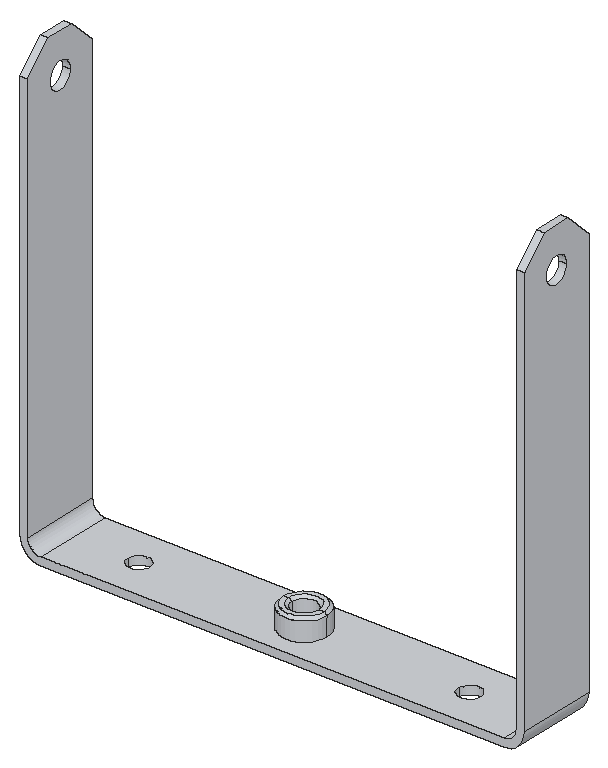
Revit family "1 SOUND_C-Clamp_Cannon Series", category Communication Devices, host Face, Revit 2020
Family settings
  Host = Face
  Maintain Annotation Orientation = No
  Round Connector Dimension = Use Diameter
  Part Type = Normal
  Cut with Voids When Loaded = No
  Shared = No
  Room Calculation Point = No
Parameters (values of type "C4i C-Clamp")
  Width - Overall = 160.00 mm
  Width - Mounting Holes = 52.50 mm
  Weight = ".22 kg"
  URL = "https://www.1-sound.com/cclamps"
  Model = "C-Clamp; C4i"
  Material = "Zinc Plated"  # constant formula
  Manufacturer = "1 SOUND"  # constant formula
  Finish = "Powder Coated or Brushed Stainless Steel"  # constant formula
  Dimensions (HxWxD) = "25.40mm x 160.00mm x 145.00mm"
  Depth - Overall = 145.00 mm
  Default Elevation = 2438.40 mm  # constant formula
  Construction = "Galvanized Steel or Stainless Steel 316"  # constant formula
  Category = "Accessory"  # constant formula
  Accessory Finish [instance] = none
Types (3, lengths in mm): name | Width - Overall | Width - Mounting Holes | Weight | Model | Dimensions (HxWxD) | Depth - Overall
  C6 C-Clamp | 225.00 | 70.00 | ".28 kg" | "C-Clamp; C6" | "25.40mm x 225.00mm x 172.70mm" | 172.70
  C5 C-Clamp | 200.00 | 70.00 | ".26 kg" | "C-Clamp; C5" | "25.40mm x 200.00mm x 167.00mm" | 167.00
  C4i C-Clamp | 160.00 | 52.50 | ".22 kg" | "C-Clamp; C4i" | "25.40mm x 160.00mm x 145.00mm" | 145.00
Reference planes
  plane 1 "Center (Front/Back)": y = 0
  plane 2: z = 0
  plane 3 "Center (Left/Right)": x = 0
  plane 4: x = -80
  plane 5: x = 80
  plane 6: z = 145
  plane 7: z = 122
  plane 8: x = -52.5
  plane 9: x = 52.5
Forms (mm)
  Extrusion 1, solid, material <- "Accessory Finish"
    sketch origin (0, 0, 0) x (1, 0, 0) y (0, 0, 1)
      loop
        line (-80, 122) -> (-80, 6.5)
        arc (-80, 6.5) -> (-78.096, 1.904) -> (-73.5, 0) r 6.5
        line (-73.5, 0) -> (73.5, 0)
        arc (73.5, 0) -> (78.096, 1.904) -> (80, 6.5) r 6.5
        line (80, 6.5) -> (80, 122) -> (77.5, 122) -> (77.5, 6.5)
        arc (77.5, 6.5) -> (76.328, 3.672) -> (73.5, 2.5) r 4
        line (73.5, 2.5) -> (-73.5, 2.5)
        arc (-73.5, 2.5) -> (-76.328, 3.672) -> (-77.5, 6.5) r 4
        line (-77.5, 6.5) -> (-77.5, 122) -> (-80, 122)
    from -12.7 to 12.7
  Extrusion 2, solid, material <- "Accessory Finish"
    sketch origin (0, 0, 0) x (0, 1, 0) y (0, 0, 1)
      loop
        line (12.7, 137) -> (4.7, 145) -> (-4.7, 145) -> (-12.7, 137) -> (-12.7, 122) -> (12.7, 122) -> (12.7, 137)
      loop
        circle (0, 132.3) r 4.22
    from -80 to -77.5
  Extrusion 3, solid, material <- "Accessory Finish"
    sketch origin (0, 0, 0) x (0, 1, 0) y (0, 0, -1)
      loop
        line (12.7, -137) -> (12.7, -122) -> (-12.7, -122) -> (-12.7, -137) -> (-4.7, -145) -> (4.7, -145) -> (12.7, -137)
      loop
        circle (0, -132.3) r 4.22
    from -80 to -77.5
  Revolve 4, solid, material <- "Accessory Finish"
    sketch origin (0, 0, 0) x (1, 0, 0) y (0, 0, 1)
      loop
        line (0, -0.548) -> (6.35, -0.548) -> (6.35, 2.5) -> (7.234, 2.5) -> (7.234, 8.442) -> (6.35, 9.326) -> (4.853, 9.326) -> (3.969, 8.442) -> (3.969, 2.5) -> (0, 2.5) -> (0, -0.548)
      axis (0, -0.548) -> (0, 9.326)
    angle from 0 to 360
  Extrusion 5, void
    sketch origin (0, 0, 0) x (1, 0, 0) y (0, 1, 0)
      loop
        circle (-52.5, 0) r 3.6
    from 0 to 2.5
  Extrusion 6, void
    sketch origin (0, 0, 0) x (1, 0, 0) y (0, 1, 0)
      loop
        circle (52.5, 0) r 3.6
    from 0 to 2.5
Cuts and joins
  Extrusion 5, Extrusion 6 cuts Extrusion 1
  Extrusion 5, Extrusion 6 cuts Extrusion 2
  Extrusion 5, Extrusion 6 cuts Extrusion 3
  joined: Extrusion 1, Extrusion 2, Extrusion 3
Dimensions and locks
  equal spacing: plane 4, plane 3 "Center (Left/Right)", plane 5
  "Width - Overall": plane 4 to plane 5
  "Depth - Overall": plane 6 to host face
  locked: plane 6 to plane 7 at 23
  locked: plane 4 to cut or joined group of Extrusion 1, Extrusion 2, Extrusion 3, Extrusion 5, Extrusion 6 at 2.5
  locked: cut or joined group of Extrusion 1, Extrusion 2, Extrusion 3, Extrusion 5, Extrusion 6 to plane 5 at 2.5
  equal spacing: plane 8, plane 3 "Center (Left/Right)", plane 9
  "Width - Mounting Holes": plane 8 to plane 3 "Center (Left/Right)"
  "Width - Mounting Holes": plane 3 "Center (Left/Right)" to plane 9
  aligned and locked: plane 2 to host face
  aligned and locked: level to host face
  aligned and locked: Extrusion 1 sketch curve to plane 7
  aligned and locked: plane 7 to Extrusion 1 sketch curve
  aligned and locked: plane 6 to Extrusion 2 sketch curve
  aligned and locked: Extrusion 2 sketch curve to plane 7
  aligned and locked: Extrusion 3 sketch curve to plane 6
  aligned and locked: plane 7 to Extrusion 3 sketch curve
  aligned and locked: plane 4 to Extrusion 2
  aligned and locked: Extrusion 3 to plane 5
  aligned and locked: Extrusion 1 to Extrusion 2
Automatic sketch dimensions
  host sketch curve to host sketch curve = 2438.40 mm  (x2)
  Extrusion 1 sketch curve to Extrusion 1 sketch curve = 0.00 mm  (x4)
  plane 4 to Extrusion 1 sketch curve = 0.00 mm
  Extrusion 1 sketch curve to level = 0.00 mm
  plane 5 to Extrusion 1 sketch curve = 0.00 mm
  Extrusion 1 sketch curve to Extrusion 1 sketch curve = 2.50 mm
  Extrusion 1 sketch curve to Extrusion 1 sketch curve = 4.00 mm
  plane 5 to Extrusion 1 sketch curve = 6.50 mm
  Extrusion 2 sketch curve to plane 1 "Center (Front/Back)" = 0.00 mm
  plane 1 "Center (Front/Back)" to Extrusion 2 sketch curve = 4.70 mm
  Extrusion 2 sketch curve to Extrusion 2 sketch curve = 8.00 mm
  Extrusion 2 sketch curve to plane 1 "Center (Front/Back)" = 4.70 mm
  Extrusion 2 sketch curve to plane 1 "Center (Front/Back)" = 12.70 mm
  plane 7 to Extrusion 2 sketch curve = 10.30 mm
  Extrusion 2 sketch curve to plane 6 = 8.00 mm  (x2)
  Extrusion 3 sketch curve to plane 1 "Center (Front/Back)" = 0.00 mm
  plane 1 "Center (Front/Back)" to Extrusion 3 sketch curve = 4.70 mm
  Extrusion 3 sketch curve to Extrusion 3 sketch curve = 8.00 mm
  Extrusion 3 sketch curve to plane 1 "Center (Front/Back)" = 4.70 mm
  Extrusion 3 sketch curve to plane 1 "Center (Front/Back)" = 12.70 mm
  Extrusion 3 sketch curve to plane 6 = 8.00 mm  (x2)
  plane 7 to Extrusion 3 sketch curve = 10.30 mm
  Revolve 4 sketch curve to plane 3 "Center (Left/Right)" = 0.00 mm  (x2)
  Revolve 4 sketch curve to Revolve 4 sketch curve = 0.884 mm  (x5)
  Revolve 4 sketch curve to level = 0.548 mm
  level to Revolve 4 sketch curve = 2.50 mm
  Revolve 4 sketch curve to Revolve 4 sketch curve = 0.00 mm  (x3)
  Revolve 4 sketch curve to Revolve 4 sketch curve = 5.942 mm
  plane 3 "Center (Left/Right)" to Revolve 4 sketch curve = 3.969 mm
  Revolve 4 sketch curve to Revolve 4 sketch curve = 2.381 mm
  plane 1 "Center (Front/Back)" to Extrusion 5 sketch curve = 0.00 mm
  Extrusion 5 sketch curve to plane 8 = 0.00 mm
  plane 1 "Center (Front/Back)" to Extrusion 6 sketch curve = 0.00 mm
  Extrusion 6 sketch curve to plane 9 = 0.00 mm
  radius of Extrusion 2 sketch curve = 4.22 mm
  radius of Extrusion 3 sketch curve = 4.22 mm
  radius of Extrusion 5 sketch curve = 3.60 mm
  radius of Extrusion 6 sketch curve = 3.60 mm
